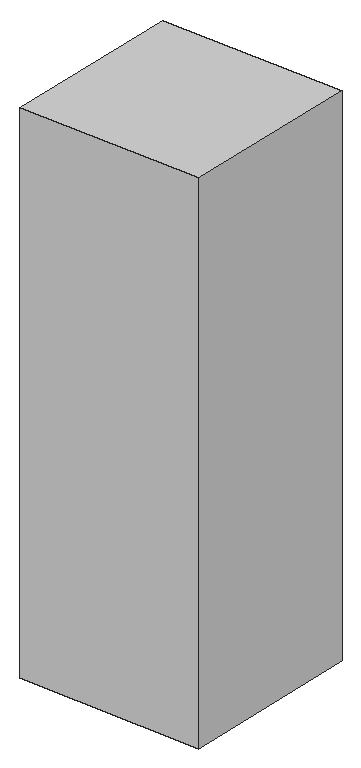
Revit family "構造柱RC□_DPC", category 構造柱, Revit 2018
Family settings
  隠線として表示 = 他の要素により隠されたエッジ
  断面形状 = 未定義
  モデルのマテリアルの動作 = コンクリート
  常にジオメトリとして書き出し = いいえ
  平面図における梁のカットバック = 境界ボックスから
  OmniClass 番号 = 23.25.30.11.14.11
  OmniClass タイトル = Columns
  ロード時にボイドで切り取り = いいえ
  記号表現 = プロジェクト設定から
  共有 = いいえ
  平面図にファミリ プレカットを表示 = はい
Parameters (values of type "1C1 1400x1400")
  躯体面から芯鉄筋Y方向までの距離 = 0
  躯体面から芯鉄筋X方向までの距離 = 0
  芯鉄筋種別 = ""
  芯鉄筋本数 = 0
  芯鉄筋径 = ""
  符号 = "1C1"
  構造体線左 [instance] = if(and(not(構造体線), ふかし左 = 0 mm), 0 > 1, 0 < 1)  # no
  構造体線右 [instance] = if(and(not(構造体線), ふかし右 = 0 mm), 0 > 1, 0 < 1)  # no
  構造体線下 [instance] = if(and(not(構造体線), ふかし下 = 0 mm), 0 > 1, 0 < 1)  # no
  構造体線上 [instance] = if(and(not(構造体線), ふかし上 = 0 mm), 0 > 1, 0 < 1)  # no
  構造体線 [instance] = no
  構造マテリアル = tx00 RC
  柱頭 幅止筋Y方向本数 = 0
  柱頭 幅止筋X方向本数 = 0
  柱頭 帯筋径 = ""
  柱頭 帯筋ピッチ = 0
  柱頭 帯筋Y方向本数 = 0
  柱頭 帯筋X方向本数 = 0
  柱頭 寄せ筋方向 = ""
  柱頭 主筋細径 = ""
  柱頭 主筋太径 = ""
  柱頭 主筋Y方向2段細筋本数 = 0
  柱頭 主筋Y方向2段太筋本数 = 0
  柱頭 主筋Y方向1段細筋本数 = 0
  柱頭 主筋Y方向1段太筋本数 = 0
  柱頭 主筋X方向2段細筋本数 = 0
  柱頭 主筋X方向2段太筋本数 = 0
  柱頭 主筋X方向1段細筋本数 = 0
  柱頭 主筋X方向1段太筋本数 = 0
  柱脚 幅止筋Y方向本数 = 0
  柱脚 幅止筋X方向本数 = 0
  柱脚 帯筋径 = ""
  柱脚 帯筋ピッチ = 0
  柱脚 帯筋Y方向本数 = 0
  柱脚 帯筋X方向本数 = 0
  柱脚 寄せ筋方向 = ""
  柱脚 主筋細径 = ""
  柱脚 主筋太径 = ""
  柱脚 主筋Y方向2段細筋本数 = 0
  柱脚 主筋Y方向2段太筋本数 = 0
  柱脚 主筋Y方向1段細筋本数 = 0
  柱脚 主筋Y方向1段太筋本数 = 0
  柱脚 主筋X方向2段細筋本数 = 0
  柱脚 主筋X方向2段太筋本数 = 0
  柱脚 主筋X方向1段細筋本数 = 0
  柱脚 主筋X方向1段太筋本数 = 0
  柱幅 = DX  # 1400 mm
  柱せい = DY  # 1400 mm
  幅止筋径 = ""
  幅止筋ピッチ = 0
  主筋種別Y = ""
  主筋種別X = ""
  パネル 帯筋ピッチ = 0
  パネル 帯筋Y方向本数 = 0
  パネル 帯筋X方向本数 = 0
  タイプの説明 = "DPC_1"  # constant formula
  コンクリート強度の低減率 = ""
  コンクリート強度 [instance] = ""
  ふかし左 [instance] = 0 mm
  ふかし右 [instance] = 0 mm
  ふかし下 [instance] = 0 mm
  ふかし上 [instance] = 0 mm
  DY = 1400 mm
  DX = 1400 mm
Types (21, lengths in mm): name | 符号 | 柱幅 | 柱せい | DY | DX
  1C1 1400x1400 | "1C1" | 1400 | 1400 | 1400 | 1400
  2C8 500x1400 | "2C8" | 500 | 1400 | 1400 | 500
  2C7 1400x500 | "2C7" | 1400 | 500 | 500 | 1400
  2C6 1400x500 | "2C6" | 1400 | 500 | 500 | 1400
  2C5 1350x1350 | "2C5" | 1350 | 1350 | 1350 | 1350
  2C4 1400x500 | "2C4" | 1400 | 500 | 500 | 1400
  2C3 1400x500 | "2C3" | 1400 | 500 | 500 | 1400
  2C2A 500x1400 | "2C2A" | 500 | 1400 | 1400 | 500
  2C2 500x1400 | "2C2" | 500 | 1400 | 1400 | 500
  2C1A 1400x1400 | "2C1A" | 1400 | 1400 | 1400 | 1400
  2C1 1400x1400 | "2C1" | 1400 | 1400 | 1400 | 1400
  1C8 500x1400 | "1C8" | 500 | 1400 | 1400 | 500
  1C7 1400x500 | "1C7" | 1400 | 500 | 500 | 1400
  1C6 1400x500 | "1C6" | 1400 | 500 | 500 | 1400
  1C5 1350x1350 | "1C5" | 1350 | 1350 | 1350 | 1350
  1C4 1400x500 | "1C4" | 1400 | 500 | 500 | 1400
  1C3 1400x500 | "1C3" | 1400 | 500 | 500 | 1400
  1C2A 500x1400 | "1C2A" | 500 | 1400 | 1400 | 500
  1C2 500x1400 | "1C2" | 500 | 1400 | 1400 | 500
  1C1A 1400x1400 | "1C1A" | 1400 | 1400 | 1400 | 1400
  Cmd5_test1 | "1C1" | 50 | 50 | 50 | 50
Reference planes
  plane 1 "中心(正面/背面)": y = 0
  plane 2: z = 0
  plane 3 "中心(左/右)": x = 0
  plane 4 "左": x = -700
  plane 5 "右": x = 700
  plane 6 "背面": y = 700
  plane 7 "正面": y = -700
  plane 8: x = 700
  plane 9: x = -700
  plane 10: y = -700
  plane 11: y = 700
Forms (mm)
  Extrusion 1, solid, material "tx00 RC" <- "構造マテリアル"
    sketch origin (0, 0, 0) x (1, 0, 0) y (0, 1, 0)
      loop
        line (-700, 700) -> (-700, -700) -> (700, -700) -> (700, 700) -> (-700, 700)
    from 0 to 4000
Lines and regions (mm)
  symbolic lines, style "1TS01"
    curve 1: line (-700, -700, 0) -> (700, 700, 0)
    curve 2: line (700, -700, 0) -> (-700, 700, 0)
  symbolic lines, style "HA01", visible <- "構造体線上"
    curve 3: line (-700, 700, 0) -> (700, 700, 0)
  symbolic lines, style "HA01", visible <- "構造体線左"
    curve 4: line (-700, -700, 0) -> (-700, 700, 0)
  symbolic lines, style "HA01", visible <- "構造体線下"
    curve 5: line (700, -700, 0) -> (-700, -700, 0)
  symbolic lines, style "HA01", visible <- "構造体線右"
    curve 6: line (700, 700, 0) -> (700, -700, 0)
  symbolic lines, style "InvisibleLines"
    curve 7: line (-700, -635, 0) -> (-635, -635, 0)
    curve 8: line (-635, -635, 0) -> (-635, -700, 0)
  symbolic lines, style "HA01"
    curve 9: line (700, 0, 0) -> (700, 0, 4000)
    curve 10: line (-700, 0, 0) -> (-700, 0, 4000)
    curve 11: line (0, 700, 0) -> (0, 700, 4000)
    curve 12: line (0, -700, 0) -> (0, -700, 4000)
Dimensions and locks
  equal spacing: plane 4 "左", plane 3 "中心(左/右)", plane 5 "右"
  equal spacing: plane 7 "正面", plane 1 "中心(正面/背面)", plane 6 "背面"
  "DX": plane 4 "左" to plane 5 "右"
  "DY": plane 7 "正面" to plane 6 "背面"
  "ふかし右": plane 5 "右" to plane 8
  "ふかし左": plane 9 to plane 4 "左"
  "ふかし上": plane 6 "背面" to plane 11
  "ふかし下": plane 10 to plane 7 "正面"
  aligned and locked: level to plane 2
  aligned and locked: level to Extrusion 1
  aligned and locked: Extrusion 1 to plane 2
  aligned and locked: plane 4 "左" to curve 2
  aligned and locked: plane 7 "正面" to curve 2
  aligned and locked: plane 5 "右" to curve 2
  aligned and locked: Extrusion 1 sketch curve to plane 11
  aligned and locked: Extrusion 1 sketch curve to plane 9
  aligned and locked: Extrusion 1 sketch curve to plane 10
  aligned and locked: Extrusion 1 sketch curve to plane 8
  aligned and locked: plane 6 "背面" to curve 6
  aligned and locked: plane 5 "右" to curve 3
  aligned and locked: curve 9 to plane 5 "右"
  aligned and locked: curve 10 to plane 4 "左"
  aligned and locked: plane 2 to curve 9
  aligned and locked: plane 2 to curve 10
  aligned and locked: level to curve 9
  aligned and locked: level to curve 10
  aligned and locked: curve 11 to plane 6 "背面"
  aligned and locked: curve 12 to plane 7 "正面"
  aligned and locked: plane 2 to curve 11
  aligned and locked: plane 2 to curve 12
  aligned and locked: level to curve 11
  aligned and locked: level to curve 12
Automatic sketch dimensions
  curve 8 to plane 4 "左" = 65 mm
  curve 8 to curve 7 = 0 mm
